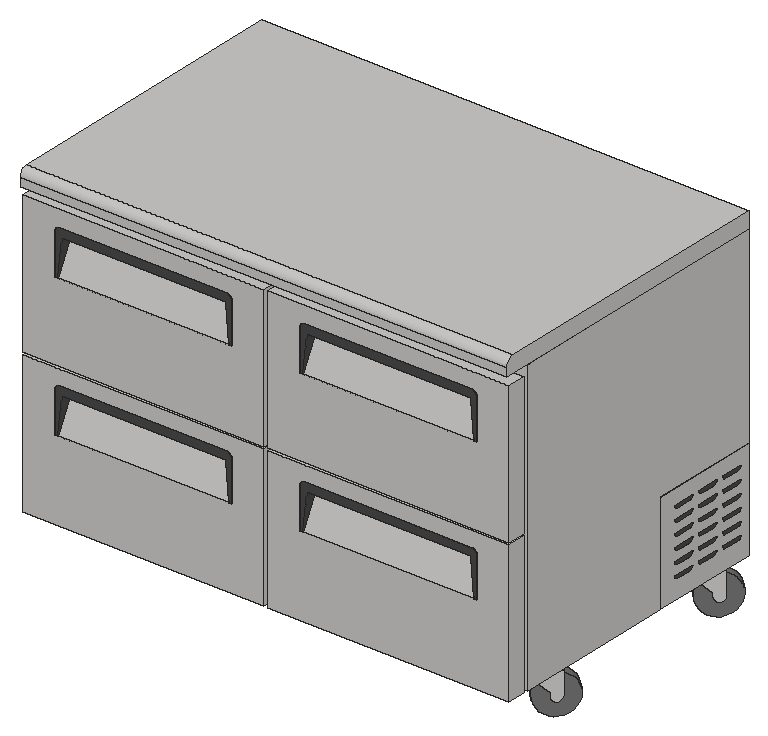
Revit family "QF_Turbo Air_TUR-48SD-D4", category Specialty Equipment, Revit 2012
Parameters
  Weight in Pounds = 260
  Watermarked By = "http://revitwatermark.com"
  Volts = 115 V
  URL Cutsheet = ""
  URL = "www.turboairinc.com"
  Status [instance] = ""
  Specification by User [instance] = ""
  Specification by Manufacturer [instance] = ""
  Serial Number [instance] = ""
  Revision Code [instance] = ""
  Phase = 1
  Number of Poles [instance] = 1
  NAFEM Spec ID Number [instance] = ""
  Model = "TUR-48SD-D4"
  Masterspec [instance] = ""
  Manufacturer = "Turbo Air"  # constant formula
  Legs [instance] = [6 inch Legs]  # no
  Item Number [instance] = "-"
  Installed By [instance] = ""
  HP = "1/3"
  Furnished By [instance] = ""
  Foodservice Equipment Identifier = yes
  FL Amps = 6.5 A
  Electrical Remarks [instance] = ""
  Electric Connection Type [instance] = ""
  Elec Conn RI Height [instance] = 0' - 0"
  Elec Conn Connection Height = 1' - 0"
  Description = "Undercounter Refrigerator"
  Cycle = 60 Hz
  Conn Plug = "NEMA 5-15P"
  Casters [instance] = not(Legs)  # yes
  CasterLeg Height [instance] = if([4 inch Casters], 0' 5", if([5 inch Casters], 0' 5 3/4", if([2_5 inch Casters], 0' 3 3/8", 0' 6")))  # 0' - 5"
  CSI MasterFormat = "11 41 13"
  Assembly Code = "E1090320"
  Apparent Power = if(Phase = 3, Volts * FL Amps * 1.73, Volts * FL Amps)  # 747.5 VA
  6 inch Legs [instance] = no
  5 inch Casters [instance] = no
  4 inch Casters [instance] = yes
  2_5 inch Casters [instance] = no
Reference planes (in)
  plane 1 "BACK": y = 0
  plane 2: z = 0
  plane 3 "LEFT": x = -20.78844
  plane 4 "Bottom": z = 5
  plane 5 "Back Stops": y = 1
  plane 6 "RIGHT": x = 27.46156
  plane 7 "FRONT": y = -30
  plane 8 "Back of Door": y = -27.875
  plane 9 "Front of Box": y = -27.375
  plane 10 "Top of Door": z = 33.125
  plane 11 "TOP": z = 35.625
  plane 12 "Bottom of TOP": z = 34
  plane 13 "Center LR": x = 3.33656
  plane 14: x = 3.52406
  plane 15: x = 3.14906
  plane 16: y = -42.75
Forms (in)
  Extrusion 1, solid, material "QF_Finishes_Stainless Steel"
    sketch origin (-20.78844, 0, 0) x (0, 1, 0) y (0, 0, 1)
      loop
        line (0, 5) -> (0, 34) -> (-27.375, 34) -> (-27.375, 5) -> (0, 5)
    from 0 to 48.25
  Extrusion 2, solid, material "QF_Finishes_Black"
    sketch origin (0, -27.375, 0) x (1, 0, 0) y (0, 0, 1)
      loop
        line (-19.78844, 32.125) -> (-19.78844, 6) -> (2.14906, 6) -> (2.14906, 32.125) -> (-19.78844, 32.125)
      loop
        line (4.52406, 32.125) -> (4.52406, 6) -> (26.46156, 6) -> (26.46156, 32.125) -> (4.52406, 32.125)
    from 0 to 0.5
  Extrusion 3, void
    sketch origin (27.46156, 0, 0) x (0, 1, 0) y (0, 0, 1)
      loop
        line (0, 5) -> (0, 15) -> (-11, 15) -> (-11, 5) -> (0, 5)
    from 0 to -1
  Extrusion 4, solid, material "QF_Finishes_Stainless Steel"
    sketch origin (27.46156, 0, 0) x (0, 1, 0) y (0, 0, 1)
      loop
        line (-10.875, 14.875) -> (-10.875, 5) -> (0, 5) -> (0, 14.875) -> (-10.875, 14.875)
      loop
        arc (-9.25, 13.5) -> (-9.10355, 13.14645) -> (-8.75, 13) r 0.5
        line (-8.75, 13) -> (-7.25, 13)
        arc (-7.25, 13) -> (-6.89645, 13.14645) -> (-6.75, 13.5) r 0.5
        line (-6.75, 13.5) -> (-9.25, 13.5)
      loop
        arc (-6.25, 13.5) -> (-6.10355, 13.14645) -> (-5.75, 13) r 0.5
        line (-5.75, 13) -> (-4.25, 13)
        arc (-4.25, 13) -> (-3.89645, 13.14645) -> (-3.75, 13.5) r 0.5
        line (-3.75, 13.5) -> (-6.25, 13.5)
      loop
        arc (-3.25, 13.5) -> (-3.10355, 13.14645) -> (-2.75, 13) r 0.5
        line (-2.75, 13) -> (-1.25, 13)
        arc (-1.25, 13) -> (-0.89645, 13.14645) -> (-0.75, 13.5) r 0.5
        line (-0.75, 13.5) -> (-3.25, 13.5)
      loop
        arc (-9.25, 12.25) -> (-9.10355, 11.89645) -> (-8.75, 11.75) r 0.5
        line (-8.75, 11.75) -> (-7.25, 11.75)
        arc (-7.25, 11.75) -> (-6.89645, 11.89645) -> (-6.75, 12.25) r 0.5
        line (-6.75, 12.25) -> (-9.25, 12.25)
      loop
        arc (-6.25, 12.25) -> (-6.10355, 11.89645) -> (-5.75, 11.75) r 0.5
        line (-5.75, 11.75) -> (-4.25, 11.75)
        arc (-4.25, 11.75) -> (-3.89645, 11.89645) -> (-3.75, 12.25) r 0.5
        line (-3.75, 12.25) -> (-6.25, 12.25)
      loop
        arc (-3.25, 12.25) -> (-3.10355, 11.89645) -> (-2.75, 11.75) r 0.5
        line (-2.75, 11.75) -> (-1.25, 11.75)
        arc (-1.25, 11.75) -> (-0.89645, 11.89645) -> (-0.75, 12.25) r 0.5
        line (-0.75, 12.25) -> (-3.25, 12.25)
      loop
        arc (-9.25, 11) -> (-9.10355, 10.64645) -> (-8.75, 10.5) r 0.5
        line (-8.75, 10.5) -> (-7.25, 10.5)
        arc (-7.25, 10.5) -> (-6.89645, 10.64645) -> (-6.75, 11) r 0.5
        line (-6.75, 11) -> (-9.25, 11)
      loop
        arc (-6.25, 11) -> (-6.10355, 10.64645) -> (-5.75, 10.5) r 0.5
        line (-5.75, 10.5) -> (-4.25, 10.5)
        arc (-4.25, 10.5) -> (-3.89645, 10.64645) -> (-3.75, 11) r 0.5
        line (-3.75, 11) -> (-6.25, 11)
      loop
        arc (-3.25, 11) -> (-3.10355, 10.64645) -> (-2.75, 10.5) r 0.5
        line (-2.75, 10.5) -> (-1.25, 10.5)
        arc (-1.25, 10.5) -> (-0.89645, 10.64645) -> (-0.75, 11) r 0.5
        line (-0.75, 11) -> (-3.25, 11)
      loop
        arc (-9.25, 9.75) -> (-9.10355, 9.39645) -> (-8.75, 9.25) r 0.5
        line (-8.75, 9.25) -> (-7.25, 9.25)
        arc (-7.25, 9.25) -> (-6.89645, 9.39645) -> (-6.75, 9.75) r 0.5
        line (-6.75, 9.75) -> (-9.25, 9.75)
      loop
        arc (-6.25, 9.75) -> (-6.10355, 9.39645) -> (-5.75, 9.25) r 0.5
        line (-5.75, 9.25) -> (-4.25, 9.25)
        arc (-4.25, 9.25) -> (-3.89645, 9.39645) -> (-3.75, 9.75) r 0.5
        line (-3.75, 9.75) -> (-6.25, 9.75)
      loop
        arc (-3.25, 9.75) -> (-3.10355, 9.39645) -> (-2.75, 9.25) r 0.5
        line (-2.75, 9.25) -> (-1.25, 9.25)
        arc (-1.25, 9.25) -> (-0.89645, 9.39645) -> (-0.75, 9.75) r 0.5
        line (-0.75, 9.75) -> (-3.25, 9.75)
      loop
        arc (-9.25, 8.5) -> (-9.10355, 8.14645) -> (-8.75, 8) r 0.5
        line (-8.75, 8) -> (-7.25, 8)
        arc (-7.25, 8) -> (-6.89645, 8.14645) -> (-6.75, 8.5) r 0.5
        line (-6.75, 8.5) -> (-9.25, 8.5)
      loop
        arc (-6.25, 8.5) -> (-6.10355, 8.14645) -> (-5.75, 8) r 0.5
        line (-5.75, 8) -> (-4.25, 8)
        arc (-4.25, 8) -> (-3.89645, 8.14645) -> (-3.75, 8.5) r 0.5
        line (-3.75, 8.5) -> (-6.25, 8.5)
      loop
        arc (-3.25, 8.5) -> (-3.10355, 8.14645) -> (-2.75, 8) r 0.5
        line (-2.75, 8) -> (-1.25, 8)
        arc (-1.25, 8) -> (-0.89645, 8.14645) -> (-0.75, 8.5) r 0.5
        line (-0.75, 8.5) -> (-3.25, 8.5)
      loop
        arc (-9.25, 7.25) -> (-9.10355, 6.89645) -> (-8.75, 6.75) r 0.5
        line (-8.75, 6.75) -> (-7.25, 6.75)
        arc (-7.25, 6.75) -> (-6.89645, 6.89645) -> (-6.75, 7.25) r 0.5
        line (-6.75, 7.25) -> (-9.25, 7.25)
      loop
        arc (-6.25, 7.25) -> (-6.10355, 6.89645) -> (-5.75, 6.75) r 0.5
        line (-5.75, 6.75) -> (-4.25, 6.75)
        arc (-4.25, 6.75) -> (-3.89645, 6.89645) -> (-3.75, 7.25) r 0.5
        line (-3.75, 7.25) -> (-6.25, 7.25)
      loop
        arc (-3.25, 7.25) -> (-3.10355, 6.89645) -> (-2.75, 6.75) r 0.5
        line (-2.75, 6.75) -> (-1.25, 6.75)
        arc (-1.25, 6.75) -> (-0.89645, 6.89645) -> (-0.75, 7.25) r 0.5
        line (-0.75, 7.25) -> (-3.25, 7.25)
    from 0 to -1
  Extrusion 5, solid, material "QF_Finishes_Black"
    sketch origin (27.46156, 0, 0) x (0, 1, 0) y (0, 0, 1)
      loop
        line (-9.875, 13.95221) -> (-9.875, 6.20221) -> (-0.375, 6.20221) -> (-0.375, 13.95221) -> (-9.875, 13.95221)
    from -0.125 to -1
  Extrusion 6, solid, material "QF_Finishes_Black"
    sketch origin (0, 0, 0) x (1, 0, 0) y (0, 0, 1)
      loop
        circle (-14.66344, 30.8125) r 0.5
      loop
        circle (21.33656, 30.8125) r 0.5
    from 0 to -1
  Extrusion 7, solid, material "QF_Finishes_Stainless Steel"
    sketch origin (0, 0, 0) x (1, 0, 0) y (0, 0, 1)
      loop
        circle (23.46156, 11.125) r 0.25
    from 0 to -0.0625
  Extrusion 8, solid, material "QF_Finishes_Polished Steel"
    sketch origin (-20.78844, 0, 0) x (0, 1, 0) y (0, 0, 1)
      loop
        line (0, 35.625) -> (-29.1875, 35.625)
        arc (-29.1875, 35.625) -> (-29.76202, 35.38702) -> (-30, 34.8125) r 0.8125
        line (-30, 34.8125) -> (-30, 34) -> (0, 34) -> (0, 35.625)
    from 0 to 48.25
Cuts and joins
  Extrusion 3 cuts Extrusion 1
Lines and regions (in)
  symbolic lines
    curve 1: line (-20.78844, 0, 35.875) -> (27.46156, 0, 35.875)
    curve 2: line (-20.78844, -30, 35.875) -> (-20.78844, 0, 35.875)
    curve 3: line (27.46156, -30, 35.875) -> (-20.78844, -30, 35.875)
    curve 4: line (27.46156, 0, 35.875) -> (27.46156, -30, 35.875)
    curve 5: line (20.83656, 1, 35.875) -> (21.83656, 1, 35.875)
    curve 6: line (-15.16344, 1, 35.875) -> (-14.16344, 1, 35.875)
    curve 7: line (-15.16344, 1, 35.875) -> (-15.16344, 0, 35.875)
    curve 8: line (-14.16344, 1, 35.875) -> (-14.16344, 0, 35.875)
    curve 9: line (20.83656, 1, 35.875) -> (20.83656, 0, 35.875)
    curve 10: line (21.83656, 1, 35.875) -> (21.83656, 0, 35.875)
  symbolic lines, style "QF_Clearances", detail levels coarse
    curve 11: line (3.52406, -30, 35.875) -> (3.52406, -42.75, 35.875)
    curve 12: line (3.52406, -42.75, 35.875) -> (27.46156, -42.75, 35.875)
    curve 13: line (27.46156, -42.75, 35.875) -> (27.46156, -30, 35.875)
    curve 14: line (-20.78844, -30, 35.875) -> (-20.78844, -42.75, 35.875)
    curve 15: line (-20.78844, -42.75, 35.875) -> (3.14906, -42.75, 35.875)
    curve 16: line (3.14906, -42.75, 35.875) -> (3.14906, -30, 35.875)
Dimensions and locks (in)
  "CasterLeg Height": plane 4 "Bottom" to plane 2
  locked: plane 1 "BACK" to plane 5 "Back Stops" at 1
  locked: plane 6 "RIGHT" to plane 3 "LEFT" at 48.25
  locked: plane 7 "FRONT" to plane 1 "BACK" at 30
  locked: plane 8 "Back of Door" to plane 9 "Front of Box" at 0.5
  locked: plane 10 "Top of Door" to Extrusion 2 sketch curve at 1  (x2)
  locked: Extrusion 2 sketch curve to plane 3 "LEFT" at 1
  locked: Extrusion 2 sketch curve to plane 4 "Bottom" at 1  (x2)
  locked: Extrusion 3 sketch curve to plane 1 "BACK" at 11
  locked: Extrusion 3 sketch curve to plane 4 "Bottom" at 10
  locked: plane 4 "Bottom" to Extrusion 4 sketch curve at 9.875
  locked: Extrusion 4 sketch curve to plane 1 "BACK" at 10.875
  locked: Extrusion 5 sketch curve to Extrusion 5 sketch curve at 7.75
  locked: Extrusion 5 sketch curve to plane 4 "Bottom" at 1.20221
  locked: Extrusion 5 sketch curve to Extrusion 5 sketch curve at 9.5
  locked: Extrusion 5 sketch curve to plane 1 "BACK" at 0.375
  locked: nested 1 to plane 1 "BACK" at 2.5625
  locked: plane 3 "LEFT" to nested 1 at 2.5
  locked: plane 3 "LEFT" to nested 2 at 2.5
  locked: plane 9 "Front of Box" to nested 2 at 4.625
  locked: nested 3 to plane 6 "RIGHT" at 2.5
  locked: nested 4 to plane 6 "RIGHT" at 2.5
  locked: plane 9 "Front of Box" to nested 4 at 4.625
  locked: nested 3 to plane 1 "BACK" at 2.5625
  locked: plane 6 "RIGHT" to Extrusion 6 sketch curve at 6.125
  locked: Extrusion 6 sketch curve to plane 3 "LEFT" at 6.125
  locked: Extrusion 7 sketch curve to plane 4 "Bottom" at 6.125
  locked: plane 6 "RIGHT" to Extrusion 7 sketch curve at 4
  locked: plane 11 "TOP" to plane 4 "Bottom" at 30.625
  locked: plane 11 "TOP" to plane 12 "Bottom of TOP" at 1.625
  locked: plane 12 "Bottom of TOP" to plane 10 "Top of Door" at 0.875
  plane 8 "Back of Door" to plane 1 "BACK" = 2' - 3 7/8"
  equal spacing: plane 3 "LEFT", plane 13 "Center LR", plane 6 "RIGHT"
  plane 15 to plane 13 "Center LR" to plane 14 = 0' - 0 3/16" locked, 0' - 0 3/16" locked
  locked: Extrusion 2 sketch curve to plane 15 at 1
  locked: Extrusion 2 sketch curve to plane 6 "RIGHT" at 1
  locked: Extrusion 2 sketch curve to plane 14 at 1
  locked: plane 16 to plane 7 "FRONT" at 12.75
  aligned and locked: level to plane 2
  aligned and locked: Extrusion 1 sketch curve to plane 1 "BACK"
  aligned and locked: Extrusion 1 sketch curve to plane 4 "Bottom"
  aligned and locked: plane 9 "Front of Box" to Extrusion 1 sketch curve
  aligned and locked: plane 6 "RIGHT" to Extrusion 1
  aligned and locked: plane 8 "Back of Door" to Extrusion 2
  aligned and locked: Extrusion 3 sketch curve to plane 1 "BACK"
  aligned and locked: Extrusion 3 sketch curve to plane 4 "Bottom"
  aligned and locked: Extrusion 6 to plane 5 "Back Stops"
  aligned and locked: plane 1 "BACK" to curve 1
  aligned and locked: curve 4 to plane 6 "RIGHT"
  aligned and locked: plane 3 "LEFT" to curve 2
  aligned and locked: curve 3 to plane 7 "FRONT"
  aligned and locked: curve 5 to Extrusion 6
  aligned and locked: curve 6 to Extrusion 6
  aligned and locked: Extrusion 1 sketch curve to plane 12 "Bottom of TOP"
  aligned and locked: plane 1 "BACK" to Extrusion 8 sketch curve
  aligned and locked: plane 12 "Bottom of TOP" to Extrusion 8 sketch curve
  aligned and locked: Extrusion 8 sketch curve to plane 7 "FRONT"
  aligned and locked: Extrusion 8 sketch curve to plane 11 "TOP"
  aligned and locked: plane 6 "RIGHT" to Extrusion 8
  aligned and locked: nested 5 to plane 4 "Bottom"
  aligned and locked: nested 6 to plane 4 "Bottom"
Automatic sketch dimensions
  Extrusion 4 sketch curve to plane 1 "BACK" = 0' - 0"
  Extrusion 4 sketch curve to plane 4 "Bottom" = 0' - 0"
  Extrusion 4 sketch curve to Extrusion 4 sketch curve = 0' - 1 5/8"
  Extrusion 4 sketch curve to Extrusion 4 sketch curve = 0' - 0"  (x16)
  Extrusion 4 sketch curve to Extrusion 4 sketch curve = 0' - 0 1/2"  (x31)
  Extrusion 4 sketch curve to Extrusion 4 sketch curve = 0' - 1 1/2"  (x4)
  plane 1 "BACK" to Extrusion 4 sketch curve = 0' - 1 1/4"  (x3)
  plane 4 "Bottom" to Extrusion 4 sketch curve = 0' - 1 3/4"  (x2)
  Extrusion 4 sketch curve to Extrusion 4 sketch curve = 0' - 0 3/4"  (x15)
  Extrusion 6 sketch curve to plane 10 "Top of Door" = 0' - 2 5/16"  (x2)
  Extrusion 8 sketch curve to plane 7 "FRONT" = 0' - 0 13/16"
  plane 16 to curve 14 = 0' - 0"
  curve 11 to plane 14 = 0' - 0"
  plane 16 to curve 11 = 0' - 0"
  curve 16 to plane 15 = 0' - 0"
  curve 10 to plane 6 "RIGHT" = 0' - 5 5/8"
  curve 5 to curve 5 = 0' - 1"
  plane 3 "LEFT" to curve 6 = 0' - 6 5/8"
  curve 6 to curve 7 = 0' - 1"
  radius of Extrusion 6 sketch curve = 0' - 0 1/2"  (x2)
  radius of Extrusion 7 sketch curve = 0' - 0 1/4"
Nested families (in)
  nested 1: "FESCasterLeg" at (-18.28844, -2.5625, 0), Legs <- "Legs", Casters <- "Casters", Height <- "CasterLeg Height", type "FESCasterLeg"
    with Legs no, Height 0' - 5", Casters yes, Caster Radius 0' - 2"
  nested 2: "FESCasterLeg" at (-18.28844, -22.75, 0), Legs <- "Legs", Casters <- "Casters", Height <- "CasterLeg Height", type "FESCasterLeg"
    with Legs no, Height 0' - 5", Casters yes, Caster Radius 0' - 2"
  nested 3: "FESCasterLeg" at (24.96156, -2.5625, 0), Legs <- "Legs", Casters <- "Casters", Height <- "CasterLeg Height", type "FESCasterLeg"
    with Legs no, Height 0' - 5", Casters yes, Caster Radius 0' - 2"
  nested 4: "FESCasterLeg" at (24.96156, -22.75, 0), Legs <- "Legs", Casters <- "Casters", Height <- "CasterLeg Height", type "FESCasterLeg"
    with Legs no, Height 0' - 5", Casters yes, Caster Radius 0' - 2"
  nested 5: "QF_Turbo Air_TBL_Drawer" at (18.70073, -27.875, 5), type "QF_Turbo Air_TBL_Drawer"
    with Width 1' - 11 15/16", Symbolic Lines no, Height 2' - 4 1/8", Depth 0' - 1 13/16"
  nested 6: "QF_Turbo Air_TBL_Drawer" at (-5.61177, -27.875, 5), type "QF_Turbo Air_TBL_Drawer"
    with Width 1' - 11 15/16", Symbolic Lines no, Height 2' - 4 1/8", Depth 0' - 1 13/16"
Connectors (in)
  electrical at (23.46156, 0.0625, 11.125), driven by "Number of Poles", driven by "Volts", driven by "Apparent Power"
    settings: on Extrusion 7, index 1, voltage 115 V, apparent load 747.5 VA, apparent load phase1 0 VA, apparent load phase2 0 VA, apparent load phase3 0 VA, power factor 1, load classification "Other", number of poles 1, system type 30, power factor state 1, is connector primary yes, connector utility no, sub classification motor no, connector description ""
Definition of nested family "FESCasterLeg"
  Parameters (values of type "FESCasterLeg")
    Watermarked By = "http://revitwatermark.com"
    Type Comments = "⍁⍉⌁⌀⏭⎽⌇⍠⌜⍉⎖⌥⌦⌯⍭⏊⍻⍿⍊⏵⍊⏗⏠⍴⎡⌈⎀⍠⌓⌤⏘⎐⍀⌐⏬⏁⎈⏍⏦⎒⏬⌝⍩⍇⌣〈⎫〉⎁⏊⍥⍖⍥⍝⍦⌖⍀⏌⏭⎝⎼⏷⏞⍻⏯⎽⏷⏞⍻⏯⎽⏷⎺⌻⎝⍎⌧⏷⏟⏿⌿⍜⍦⍤⌁⍬⏶⏎⍊⏚⏉⎞⌡⎀⎪⏈⌟⌿⍾⍼⌟⌿⌢⌞⏜⏝⎽⍷⍷⍯⍧⍷⌯⍽⏸⏨⏾⏎⌣⏺⍹⏼⏅⎏⌽⎫⎪⍙⎓⏗⎗⏅⌴⍏⍏⍿⏑⎺⍘⌭⏲⍥⎛⎾⎾⍞⍌⎪⎲⌙⎥⏏⎟⎟⏼⏘⎏⎝⏧⏍⏁⍏⍧⏯⏾⌟"
    Legs [instance] = yes
    Height [instance] = 0' - 6"
    Caster Radius [instance] = if(Height < 0' 3", 0' 1", (Height / 2) - 0' 0 1/2")  # 0' - 2 1/2"
    Casters [instance] = yes
    Assembly Code = ""
  Reference planes (in)
    plane 1 "Center (Front/Back)": y = 0
    plane 2: z = 0
    plane 3 "Center (Left/Right)": x = 0
    plane 4: z = 6
    plane 5: z = 5.5
  Forms (in)
    Extrusion 1, solid, material "QF_Finishes_Stainless Steel", visible <- "Casters"
      sketch origin (-24.12131, -22.88887, 10.18833) x (0.707107, 0.707107, 0) y (0, 0, 1)
        loop
          line (34.98772, -7.68833) -> (34.98772, -4.93833) -> (34.48772, -4.93833) -> (34.39402, -4.68833) -> (32.39402, -4.68833) -> (32.39402, -5.43833) -> (33.98772, -7.34206) -> (33.98772, -7.68833)
          arc (33.98772, -7.68833) -> (34.48772, -8.18833) -> (34.98772, -7.68833) r 0.5
      from 0 to 1.75
    Extrusion 2, solid, material "QF_Finishes_Rubber Black", visible <- "Casters"
      sketch origin (-24.32327, -23.09083, 13.31461) x (0.707107, 0.707107, 0) y (0, 0, 1)
        loop
          circle (34.77334, -10.81461) r 2.5
      from 0.375 to 1.375
    Extrusion 3, solid, material "QF_Finishes_Stainless Steel", visible <- "Casters"
      sketch origin (-7.24148, -8.48391, 0) x (0.707107, 0.707107, 0) y (0, 0, 1)
        loop
          line (10.61603, 5.5) -> (11.61603, 5.5) -> (11.61603, 6) -> (10.61603, 6) -> (10.61603, 5.5)
      from 0 to -1.75
    Blend 4, solid, material "QF_Finishes_Stainless Steel", visible <- "Legs"
      base sketch origin (0, 0, 0) x (1, 0, 0) y (0, 1, 0)
        loop
          circle (0, 0) r 0.5
      top sketch origin (0, 0, 0) x (1, 0, 0) y (0, 1, 0)
        loop
          circle (0, 0) r 1
      from 0 to 6 <- "Height"
  Lines and regions (in)
    symbolic lines, style "QF_Hidden Details", visible <- "Casters", built-in parameter 1006206 <- "Casters"
      curve 1: line (-1.26158, -0.51911, 0) -> (1.39007, 2.13254, 0)
      curve 2: line (-0.53429, -1.24639, 0) -> (2.11736, 1.40526, 0)
    symbolic lines, style "QF_Hidden Details", built-in parameter 1006206 <- "Casters", visible <- "Casters"
      curve 3: line (-1.26158, -0.51911, 0) -> (1.39007, 2.13254, 0)
      curve 4: line (-0.53429, -1.24639, 0) -> (2.11736, 1.40526, 0)
  Dimensions and locks (in)
    locked: plane 4 to plane 5 at 0.5
    "Height": plane 4 to level
    "Caster Radius": Extrusion 2 sketch curve to level
    "Caster Radius": Extrusion 1 sketch curve to level
    "Caster Radius": radius of Extrusion 2 sketch curve
    aligned and locked: plane 2 to level
    aligned: Blend 4 to Extrusion 3
    aligned and locked: plane 4 to Blend 4
    aligned and locked: Extrusion 3 to plane 5
    aligned and locked: plane 4 to Extrusion 3
    aligned and locked: plane 5 to Extrusion 1
  Automatic sketch dimensions
    plane 1 "Center (Front/Back)" to curve 3 = 0' - 0.51911"
    curve 3 to plane 3 "Center (Left/Right)" = 0' - 1.26158"
    plane 1 "Center (Front/Back)" to curve 1 = 0' - 0.51911"
    curve 1 to curve 3 = 0' - 0"  (x3)
    curve 4 to plane 3 "Center (Left/Right)" = 0' - 0.53429"
    curve 2 to curve 4 = 0' - 0"  (x2)
    plane 3 "Center (Left/Right)" to curve 3 = 0' - 1.39007"
    curve 1 to curve 4 = 0' - 0.72729"
    curve 2 to curve 1 = 0' - 0.72729"
    curve 4 to curve 2 = 0' - 0"  (x2)
    curve 2 to plane 1 "Center (Front/Back)" = 0' - 1.40526"
    curve 2 to curve 3 = 0' - 0.72729"
    plane 5 to Extrusion 1 sketch curve = 0' - 0"
    Extrusion 1 sketch curve to Extrusion 1 sketch curve = 0' - 1.5937"
    Extrusion 1 sketch curve to Extrusion 1 sketch curve = 0' - 2"
    Extrusion 1 sketch curve to Extrusion 1 sketch curve = 0' - 0.0937"
    Extrusion 1 sketch curve to Extrusion 1 sketch curve = 0' - 0 1/2"
    Extrusion 1 sketch curve to Extrusion 1 sketch curve = 0' - 0.34627"
    Extrusion 1 sketch curve to plane 5 = 0' - 0 3/4"
    Extrusion 1 sketch curve to plane 5 = 0' - 0 1/4"
    Extrusion 3 sketch curve to plane 5 = 0' - 0"
    plane 4 to Extrusion 3 sketch curve = 0' - 0"
    Extrusion 3 sketch curve to Extrusion 3 sketch curve = 0' - 1"
    plane 1 "Center (Front/Back)" to Blend 4 sketch curve = 0' - 0"  (x2)
    Blend 4 sketch curve to plane 3 "Center (Left/Right)" = 0' - 0"  (x2)
    radius of Blend 4 sketch curve = 0' - 0 1/2"
    radius of Blend 4 sketch curve = 0' - 1"
Definition of nested family "QF_Turbo Air_TBL_Drawer"
  Parameters (values of type "QF_Turbo Air_TBL_Drawer")
    Width [instance] = 2' - 5 5/16"
    Watermarked By = "http://revitwatermark.com"
    Symbolic Lines [instance] = yes
    Manufacturer = "Turbo Air"  # constant formula
    Height [instance] = 2' - 3 7/16"
    Depth [instance] = 0' - 1 13/16"
  Reference planes (in)
    plane 1 "BACK": y = 0
    plane 2: z = 0
    plane 3 "LEFT": x = -15.17667
    plane 4: x = 14.13583
    plane 5 "FRONT": y = -1.8125
    plane 6: z = 27.4375
    plane 7 "Handle Center": x = -0.52042
    plane 8 "Door Center": z = 13.71875
  Forms (in)
    Extrusion 1, solid, material "QF_Finishes_Black"
      sketch origin (-31.11417, 0, 15.01083) x (0, 0, -1) y (1, 0, 0)
        loop
          arc (-10.23917, 39.40625) -> (-10.63691, 39.2415) -> (-10.80167, 38.84375) r 0.5625
          line (-10.80167, 38.84375) -> (-10.80167, 22.34375)
          arc (-10.80167, 22.34375) -> (-10.63691, 21.946) -> (-10.23917, 21.78125) r 0.5625
          line (-10.23917, 21.78125) -> (-6.30167, 21.78125) -> (-6.30167, 22.125) -> (-9.98917, 22.44761) -> (-9.98917, 38.73989) -> (-6.30167, 39.0625) -> (-6.30167, 39.40625) -> (-10.23917, 39.40625)
        loop
          line (7.41708, 21.78125) -> (7.41708, 22.125) -> (3.72958, 22.44761) -> (3.72958, 38.73989) -> (7.41708, 39.0625) -> (7.41708, 39.40625) -> (3.47958, 39.40625)
          arc (3.47958, 39.40625) -> (3.08184, 39.2415) -> (2.91708, 38.84375) r 0.5625
          line (2.91708, 38.84375) -> (2.91708, 22.34375)
          arc (2.91708, 22.34375) -> (3.08184, 21.946) -> (3.47958, 21.78125) r 0.5625
          line (3.47958, 21.78125) -> (7.41708, 21.78125)
      from 0 to 1.8125
    Extrusion 2, solid, material "QF_Finishes_Stainless Steel"
      sketch origin (-9.36417, 0, 15.01083) x (0, 1, 0) y (0, 0, 1)
        loop
          line (-1.8125, 6.30167) -> (0, 6.30167) -> (0, 9.98917) -> (-0.47036, 9.98917) -> (-1.8125, 6.30167)
        loop
          line (-1.8125, -7.41708) -> (0, -7.41708) -> (0, -3.72958) -> (-0.47036, -3.72958) -> (-1.8125, -7.41708)
      from 0.375 to 17.3125
    Extrusion 3, solid, material "QF_Finishes_Stainless Steel"
      sketch origin (0, 0, 0) x (1, 0, 0) y (0, 0, 1)
        loop
          line (-15.17667, 27.4375) -> (-15.17667, 13.84375) -> (14.13583, 13.84375) -> (14.13583, 27.4375) -> (-15.17667, 27.4375)
        loop
          line (-15.17667, 0) -> (14.13583, 0) -> (14.13583, 13.59375) -> (-15.17667, 13.59375) -> (-15.17667, 0)
        loop
          arc (-8.77042, 25.8125) -> (-9.16816, 25.64775) -> (-9.33292, 25.25) r 0.5625
          line (-9.33292, 25.25) -> (-9.33292, 21.3125) -> (8.29208, 21.3125) -> (8.29208, 25.25)
          arc (8.29208, 25.25) -> (8.12733, 25.64775) -> (7.72958, 25.8125) r 0.5625
          line (7.72958, 25.8125) -> (-8.77042, 25.8125)
        loop
          arc (-8.77042, 12.09375) -> (-9.16816, 11.929) -> (-9.33292, 11.53125) r 0.5625
          line (-9.33292, 11.53125) -> (-9.33292, 7.59375) -> (8.29208, 7.59375) -> (8.29208, 11.53125)
          arc (8.29208, 11.53125) -> (8.12733, 11.929) -> (7.72958, 12.09375) r 0.5625
          line (7.72958, 12.09375) -> (-8.77042, 12.09375)
      from 0 to 1.8125
  Lines and regions (in)
    symbolic lines, visible <- "Symbolic Lines"
      curve 1: line (-15.17667, 0, 25.96875) -> (14.13583, 0, 25.96875)
      curve 2: line (-15.17667, -1.8125, 25.96875) -> (-15.17667, 0, 25.96875)
      curve 3: line (14.13583, -1.8125, 25.96875) -> (-15.17667, -1.8125, 25.96875)
      curve 4: line (14.13583, 0, 25.96875) -> (14.13583, -1.8125, 25.96875)
  Dimensions and locks (in)
    "Width": plane 4 to plane 3 "LEFT"
    "Depth": plane 5 "FRONT" to plane 1 "BACK"
    "Height": plane 6 to plane 2
    locked: Extrusion 3 sketch curve to Extrusion 3 sketch curve at 4.5  (x2)
    locked: plane 6 to Extrusion 3 sketch curve at 1.625
    locked: plane 6 to Extrusion 1 sketch curve at 1.625
    locked: Extrusion 1 sketch curve to Extrusion 1 sketch curve at 0.8125  (x2)
    locked: Extrusion 1 sketch curve to Extrusion 1 sketch curve at 4.5  (x4)
    locked: Extrusion 1 sketch curve to Extrusion 1 sketch curve at 0.66636  (x4)
    locked: plane 6 to Extrusion 2 sketch curve at 2.4375
    locked: Extrusion 2 sketch curve to Extrusion 2 sketch curve at 3.6875  (x2)
    locked: Extrusion 2 sketch curve to plane 5 "FRONT" at 1.34214  (x2)
    equal spacing: plane 3 "LEFT", plane 7 "Handle Center", plane 4
    equal spacing: plane 6, plane 8 "Door Center", level
    Extrusion 3 sketch curve to plane 8 "Door Center" to Extrusion 3 sketch curve = 0' - 0 1/8" locked, 0' - 0 1/8" locked
    Extrusion 3 sketch curve to plane 7 "Handle Center" to Extrusion 3 sketch curve = 0' - 8 13/16" locked, 0' - 8 13/16" locked  (x2)
    locked: plane 8 "Door Center" to Extrusion 3 sketch curve at 1.625
    Extrusion 1 sketch curve to plane 7 "Handle Center" to Extrusion 1 sketch curve = 0' - 8 13/16" locked, 0' - 8 13/16" locked  (x2)
    Extrusion 2 to plane 7 "Handle Center" to Extrusion 2 = 0' - 8 15/32" locked, 0' - 8 15/32" locked
    locked: plane 8 "Door Center" to Extrusion 1 sketch curve at 1.625
    locked: plane 8 "Door Center" to Extrusion 2 sketch curve at 2.4375
    aligned and locked: level to plane 2
    aligned and locked: Extrusion 3 sketch curve to plane 6
    aligned and locked: plane 3 "LEFT" to Extrusion 3 sketch curve  (x2)
    aligned and locked: level to Extrusion 3 sketch curve
    aligned and locked: Extrusion 3 sketch curve to plane 4  (x2)
    aligned and locked: plane 5 "FRONT" to Extrusion 3
    aligned and locked: Extrusion 2 sketch curve to plane 1 "BACK"  (x2)
    aligned and locked: plane 1 "BACK" to curve 1
    aligned and locked: plane 3 "LEFT" to curve 2
    aligned and locked: curve 3 to plane 5 "FRONT"
    aligned and locked: curve 4 to plane 4
  Automatic sketch dimensions
    Extrusion 1 sketch curve to Extrusion 1 sketch curve = 0' - 0 1/4"  (x4)
    Extrusion 1 sketch curve to Extrusion 1 sketch curve = 0' - 0 11/32"  (x4)
    Extrusion 2 sketch curve to plane 5 "FRONT" = 0' - 0"  (x2)
    Extrusion 3 sketch curve to Extrusion 3 sketch curve = 0' - 0 9/16"  (x4)
